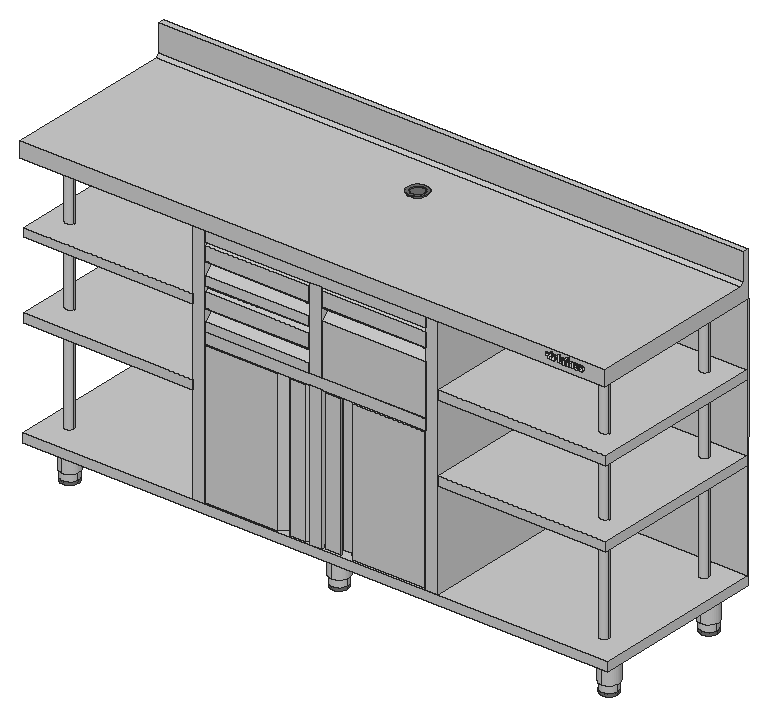
Revit family "QF_INFRICO_MCAF2000_250818094558", category Specialty Equipment, Revit 2021
Family settings
  Round Connector Dimension = Use Diameter
  Part Type = Normal
  OmniClass Number = 23.40.40.14
  OmniClass Title = Food Service Equipment
  Work Plane-Based = No
  Always vertical = Yes
  Cut with Voids When Loaded = No
  Shared = No
  Room Calculation Point = No
Parameters (values of type "MCAF2000")
  Weight [instance] = 103.00 kg
  Warranty Start Date [instance] = ""
  Warranty Duration [instance] = ""
  URL Recommended Spares List [instance] = ""
  URL Manufacturer [instance] = ""
  URL Cutsheet [instance] = ""
  URL Critical Spares List [instance] = ""
  URL = "www.infrico.com"
  Technical Documentation [instance] = ""
  Tag Number [instance] = ""
  Status [instance] = ""
  Specification by User [instance] = ""
  Specification by Manufacturer [instance] = ""
  Sound Level [instance] = ""
  Show Logo [instance] = yes
  Show Clearances [instance] = yes
  Service Life Duration [instance] = ""
  Serial Number [instance] = ""
  Seismic Rating [instance] = ""
  SMACNA No [instance] = ""
  Revision Code [instance] = ""
  Revision [instance] = ""
  Production Year [instance] = ""
  Point Load [instance] = 0
  Other Equipment Approvals [instance] = ""
  NAFEM Spec ID Number [instance] = ""
  Model Warning [instance] = ""
  Model = "MCAF2000"
  Masterspec [instance] = ""
  Manufacturer = "INFRICO"
  Length Actual [instance] = 1960 mm
  Item Number [instance] = ""
  Installed By [instance] = ""
  Installation Date [instance] = ""
  Identify Quantity as Lot [instance] = no
  ID [instance] = ""
  Hygiene Approval [instance] = ""
  Height Actual [instance] = 1050 mm
  Furnished By [instance] = ""
  Foodservice Equipment Identifier [instance] = no
  ETL Approved [instance] = no
  Description = "COFFEE UNIT - MCAF SERIES"
  Depth Actual [instance] = 600 mm
  Default Elevation = 0 mm
  Cost = 0
  CSI MasterFormat [instance] = ""
  CE Approved [instance] = no
  Barcode [instance] = 0
  Author [instance] = ""
  Asset Identifier [instance] = ""
  Accessory [instance] = no
Reference planes
  plane 1 "Center (Front/Back)": y = 0
  plane 2: z = 0
  plane 3 "Center (Left/Right)": x = 0
Dimensions and locks
  aligned and locked: level to plane 2
Nested families
  nested 1: "QF_INFRICO_MCAF2000_2920" at (0, 0, 0), type "MCAF2000"
    with Weight 103.00 kg, Warranty Start Date "", Warranty Duration "", URL Cutsheet "", Technical Documentation "", Tag Number "", Status "", Specification by User "", Specification by Manufacturer "", Sound Level "", Solid Fuel Type "", Show Logo yes, Show Clearances yes, Show Clearance yes, Service Life Duration "", Serial Number "", Seismic Rating "", SMACNA No "", Revision Code "", Revision "", Production Year "", Point Load 0, Other Equipment Approvals "", NAFEM Spec ID Number "", Model Warning "", Masterspec "", Length Actual 1960 mm, Item Number "", Installed By "", Installation Date "", Identify Quantity as Lot yes, ID "", Hygiene Approval "", Height Actual 1050 mm, Furnished By "", Foodservice Equipment Identifier yes, ETL Approved yes, Depth Actual 600 mm, CSI MasterFormat "", CE Approved no, Barcode "", Author "", Asset Identifier "", Accessory no
  nested 2: "QF_INFRICO_WORKTOP_MCAF_4042" at (0, 0, 990), type "ENC12CPMC20"
    with Weight 0.00 kg, Warranty Start Date "", Warranty Duration "", URL Cutsheet "", Technical Documentation "", Tag Number "", Status "", Specification by User "", Specification by Manufacturer "", Sound Level "", Solid Fuel Type "", Show Logo yes, Show Clearances yes, Show Clearance yes, Service Life Duration "", Serial Number "", Seismic Rating "", SMACNA No "", Revision Code "", Revision "", Production Year "", Point Load 0, Other Equipment Approvals "", NAFEM Spec ID Number "", Model Warning "", Masterspec "", Length Actual 1960 mm, Item Number "", Installed By "", Installation Date "", Identify Quantity as Lot yes, ID "", Hygiene Approval "", Height Actual 150 mm, Furnished By "", Foodservice Equipment Identifier yes, ETL Approved yes, Depth Actual 600 mm, CSI MasterFormat "", CE Approved no, Barcode "", Author "", Asset Identifier "", Accessory yes
Definition of nested family "QF_INFRICO_MCAF2000_2920"
  Parameters (values of type "MCAF2000")
    Weight [instance] = 0.00 kg
    Warranty Start Date [instance] = ""
    Warranty Duration [instance] = ""
    URL Cutsheet [instance] = ""
    URL = "www.infrico.com"
    Technical Documentation [instance] = ""
    Tag Number [instance] = ""
    Status [instance] = ""
    Specification by User [instance] = ""
    Specification by Manufacturer [instance] = ""
    Sound Level [instance] = ""
    Solid Fuel Type [instance] = ""
    Show Logo [instance] = yes
    Show Clearances [instance] = yes
    Show Clearance [instance] = yes
    Service Life Duration [instance] = ""
    Serial Number [instance] = ""
    Seismic Rating [instance] = ""
    SMACNA No [instance] = ""
    Revision Code [instance] = ""
    Revision [instance] = ""
    Production Year [instance] = ""
    Point Load [instance] = 0
    Other Equipment Approvals [instance] = ""
    NAFEM Spec ID Number [instance] = ""
    Model Warning [instance] = ""
    Model = "MCAF2000"
    Masterspec [instance] = ""
    Manufacturer = "INFRICO"
    Length Actual [instance] = 0 mm
    Item Number [instance] = ""
    Installed By [instance] = ""
    Installation Date [instance] = ""
    Identify Quantity as Lot [instance] = yes
    ID [instance] = ""
    Hygiene Approval [instance] = ""
    Height Actual [instance] = 0 mm
    Furnished By [instance] = ""
    Foodservice Equipment Identifier [instance] = yes
    ETL Approved [instance] = yes
    Description = "COFFEE UNIT - MCAF SERIES"
    Depth Actual [instance] = 0 mm
    Default Elevation = 0 mm
    CSI MasterFormat [instance] = ""
    CE Approved [instance] = yes
    Barcode [instance] = ""
    Author [instance] = ""
    Asset Identifier [instance] = ""
    Assembly Code = "E1090320"
    Accessory [instance] = yes
  Reference planes
    plane 1 "Back": y = 0
    plane 2: z = 0
    plane 3 "Left": x = 0
    plane 4 "Right": x = 1960
    plane 5 "Front": y = -600
    plane 6 "Top": z = 990
  Forms (mm)
    Extrusion 1, solid
      sketch origin (-1970.077, 406.333, 162.208) x (1, 0, 0) y (0, 1, 0)
        loop
          circle (2046.064, -477.342) r 15
      from -2.208 to 827.792
    Extrusion 2, solid
      sketch origin (-2000, 0, 130) x (0, 1, 0) y (0, 0, 1)
        loop
          line (0, 0) -> (0, 30) -> (-590.42, 30) -> (-590.42, 0) -> (0, 0)
      from 2000 to 3960
    Extrusion 3, solid
      sketch origin (-177.064, 406.333, 162.208) x (1, 0, 0) y (0, 1, 0)
        loop
          circle (2046.064, -477.342) r 15
      from -2.208 to 827.792
    Extrusion 4, solid
      sketch origin (-1970.077, -11.667, 162.208) x (1, 0, 0) y (0, 1, 0)
        loop
          circle (2046.064, -477.342) r 15
      from -2.208 to 827.792
    Extrusion 5, solid
      sketch origin (-177.064, -11.667, 162.208) x (1, 0, 0) y (0, 1, 0)
        loop
          circle (2046.064, -477.342) r 15
      from -2.208 to 827.792
    Extrusion 6, solid
      sketch origin (-2000.496, 0, 489.98) x (0, 1, 0) y (0, 0, 1)
        loop
          line (-1.18, 0) -> (-1.18, 30) -> (-590.42, 30) -> (-590.42, 0) -> (-1.18, 0)
      from 2004.472 to 2570.472
    Extrusion 7, solid
      sketch origin (-614.977, 0, 489.98) x (0, 1, 0) y (0, 0, 1)
        loop
          line (-1.18, 0) -> (-1.18, 30) -> (-590.42, 30) -> (-590.42, 0) -> (-1.18, 0)
      from 2004.977 to 2570.977
    Extrusion 8, solid
      sketch origin (-2001.521, 0, 747.98) x (0, 1, 0) y (0, 0, 1)
        loop
          line (-1.18, 0) -> (-1.18, 30) -> (-590.42, 30) -> (-590.42, 0) -> (-1.18, 0)
      from 2005.497 to 2571.497
    Extrusion 9, solid
      sketch origin (-614.977, 0, 747.98) x (0, 1, 0) y (0, 0, 1)
        loop
          line (-1.18, 0) -> (-1.18, 30) -> (-590.42, 30) -> (-590.42, 0) -> (-1.18, 0)
      from 2004.977 to 2570.977
    Extrusion 10, solid
      sketch origin (-3775.445, -1791.354, 306.976) x (0, 1, 0) y (0, 0, 1)
        loop
          line (1203.342, 629.226) -> (1203.342, 580.183)
          arc (1203.342, 580.183) -> (1205.032, 578.387) -> (1206.928, 579.964) r 1.8
          line (1206.928, 579.964) -> (1210.228, 606.836) -> (1214.91, 606.836) -> (1229.152, 592.594) -> (1229.152, 564.227) -> (1203.342, 538.417) -> (1203.342, 369.015) -> (1241.352, 369.015) -> (1241.352, 639.019) -> (1213.135, 639.019) -> (1203.342, 629.226)
      from 4776.423 to 5123.423
    Extrusion 11, solid
      sketch origin (-4163.845, -1791.354, 306.976) x (0, 1, 0) y (0, 0, 1)
        loop
          line (1203.342, 489.209) -> (1203.342, 440.167)
          arc (1203.342, 440.167) -> (1205.032, 438.37) -> (1206.928, 439.947) r 1.8
          line (1206.928, 439.947) -> (1210.228, 466.819) -> (1214.927, 466.819) -> (1229.152, 452.594) -> (1229.152, 424.21) -> (1203.342, 398.4) -> (1203.342, 369.015) -> (1241.352, 369.015) -> (1241.352, 499.019) -> (1213.152, 499.019) -> (1203.342, 489.209)
        loop
          line (1203.342, 629.226) -> (1203.342, 580.167)
          arc (1203.342, 580.167) -> (1205.032, 578.37) -> (1206.928, 579.947) r 1.8
          line (1206.928, 579.947) -> (1210.228, 606.819) -> (1214.927, 606.819) -> (1229.152, 592.594) -> (1229.152, 564.21) -> (1203.342, 538.4) -> (1203.342, 509.015) -> (1241.352, 509.015) -> (1241.352, 639.019) -> (1213.135, 639.019) -> (1203.342, 629.226)
      from 4775.843 to 5122.843
    Extrusion 12, solid
      sketch origin (246.475, 0.1, 129.6) x (1, 0, 0) y (0, 1, 0)
        loop
          line (713.523, -550.102) -> (713.523, -588.112) -> (753.503, -588.112) -> (753.503, -550.102) -> (741.503, -550.102) -> (741.503, -576.302) -> (725.523, -576.302) -> (725.523, -550.102) -> (713.523, -550.102)
      from 545.391 to 817.395
    Extrusion 13, solid
      sketch origin (246.475, 0.1, 129.6) x (1, 0, 0) y (0, 0, 1)
        loop
          line (363.501, 545.391) -> (363.501, 510.391) -> (1103.525, 510.391) -> (1103.525, 545.391) -> (363.501, 545.391)
      from 550.102 to 588.112
    Extrusion 14, solid
      sketch origin (246.475, 0.1, 436.604) x (1, 0, 0) y (0, 0, 1)
        loop
          line (363.501, 550.391) -> (363.501, 510.391) -> (1103.525, 510.391) -> (1103.525, 550.391) -> (363.501, 550.391)
      from 550.102 to 588.112
    Extrusion 15, solid
      sketch origin (569.976, 0, 130) x (0, 1, 0) y (0, 0, 1)
        loop
          line (-588.012, 30) -> (0, 30) -> (0, 860) -> (-588.012, 860) -> (-588.012, 30)
      from 0 to 40
    Extrusion 16, solid
      sketch origin (1350, 0, 130) x (0, 1, 0) y (0, 0, 1)
        loop
          line (-588.012, 30) -> (0, 30) -> (0, 860) -> (-588.012, 860) -> (-588.012, 30)
      from 0 to 40
    Extrusion 17, solid
      sketch origin (610, 0, 130) x (0, 1, 0) y (0, 0, 1)
        loop
          line (0, 30) -> (0, 130) -> (-2, 130) -> (-2, 30) -> (0, 30)
      from -0.024 to 740
    Extrusion 18, solid
      sketch origin (246.999, 0, 130) x (0, 1, 0) y (0, 0, 1)
        loop
          line (0, 30) -> (0, 860) -> (-2, 860) -> (-2, 30) -> (0, 30)
      from -246.999 to 322.977
    Extrusion 19, solid
      sketch origin (1636.499, 0, 130) x (0, 1, 0) y (0, 0, 1)
        loop
          line (0, 30) -> (0, 860) -> (-2, 860) -> (-2, 30) -> (0, 30)
      from -246.499 to 323.501
    Extrusion 20, solid
      sketch origin (245.975, 0, 129.6) x (0, 1, 0) y (0, 0, 1)
        loop
          line (-2, 545.391) -> (0, 545.391) -> (0, 860.4) -> (-2, 860.4) -> (-2, 545.391)
      from 364.001 to 1104.025
    Extrusion 21, solid
      sketch origin (-123.986, 92, 130) x (0, 1, 0) y (-1, 0, 0)
        loop
          line (-530, -154.986) -> (-630, -154.986) -> (-630, -244.986) -> (-530, -244.986) -> (-530, -154.986)
      from 0 to -3
    Extrusion 22, solid
      sketch origin (-123.986, 92, 0) x (1, 0, 0) y (0, 1, 0)
        loop
          circle (199.986, -580) r 28
      from 9 to 35
    Extrusion 23, solid
      sketch origin (-123.986, 92, 0) x (1, 0, 0) y (0, 1, 0)
        loop
          circle (199.986, -580) r 28.5
      from 0 to 9
    Sweep 24, solid
      path origin (-123.986, 92, 0) x (0, 1, 0) y (0, 0, 1)
        loop
          line (-580, 35) -> (-580, 127)
      profile origin (-123.986, -488, 81) x (0, -1, 0) y (1, 0, 0)
        loop
          circle (0, 199.986) r 32
    Extrusion 25, solid
      sketch origin (-123.986, 510, 130) x (0, 1, 0) y (-1, 0, 0)
        loop
          line (-530, -154.986) -> (-630, -154.986) -> (-630, -244.986) -> (-530, -244.986) -> (-530, -154.986)
      from 0 to -3
    Extrusion 26, solid
      sketch origin (-123.986, 510, 0) x (1, 0, 0) y (0, 1, 0)
        loop
          circle (199.986, -580) r 28
      from 9 to 35
    Extrusion 27, solid
      sketch origin (-123.986, 510, 0) x (1, 0, 0) y (0, 1, 0)
        loop
          circle (199.986, -580) r 28.5
      from 0 to 9
    Sweep 28, solid
      path origin (-123.986, 510, 0) x (0, 1, 0) y (0, 0, 1)
        loop
          line (-580, 35) -> (-580, 127)
      profile origin (-123.986, -70, 81) x (0, -1, 0) y (1, 0, 0)
        loop
          circle (0, 199.986) r 32
    Extrusion 29, solid
      sketch origin (1643.975, 92, 130) x (0, 1, 0) y (-1, 0, 0)
        loop
          line (-530, -194.986) -> (-630, -194.986) -> (-630, -284.986) -> (-530, -284.986) -> (-530, -194.986)
      from 0 to -3
    Extrusion 30, solid
      sketch origin (1643.975, 92, 0) x (1, 0, 0) y (0, 1, 0)
        loop
          circle (239.986, -580) r 28
      from 9 to 35
    Extrusion 31, solid
      sketch origin (1643.975, 92, 0) x (1, 0, 0) y (0, 1, 0)
        loop
          circle (239.986, -580) r 28.5
      from 0 to 9
    Sweep 32, solid
      path origin (2083.975, 92, 0) x (0, -1, 0) y (0, 0, 1)
        loop
          line (580, 35) -> (580, 127)
      profile origin (2083.975, -488, 81) x (0, 1, 0) y (-1, 0, 0)
        loop
          circle (0, 199.986) r 32
    Extrusion 33, solid
      sketch origin (1643.975, 510, 130) x (0, 1, 0) y (-1, 0, 0)
        loop
          line (-530, -194.986) -> (-630, -194.986) -> (-630, -284.986) -> (-530, -284.986) -> (-530, -194.986)
      from 0 to -3
    Extrusion 34, solid
      sketch origin (1643.975, 510, 0) x (1, 0, 0) y (0, 1, 0)
        loop
          circle (239.986, -580) r 28
      from 9 to 35
    Extrusion 35, solid
      sketch origin (1643.975, 510, 0) x (1, 0, 0) y (0, 1, 0)
        loop
          circle (239.986, -580) r 28.5
      from 0 to 9
    Sweep 36, solid
      path origin (2083.975, 10, 0) x (0, -1, 0) y (0, 0, 1)
        loop
          line (80, 35) -> (80, 127)
      profile origin (2083.975, -70, 81) x (0, 1, 0) y (-1, 0, 0)
        loop
          circle (0, 199.986) r 32
    Extrusion 37, solid
      sketch origin (780.003, 92, 130) x (0, 1, 0) y (-1, 0, 0)
        loop
          line (-530, -154.986) -> (-630, -154.986) -> (-630, -244.986) -> (-530, -244.986) -> (-530, -154.986)
      from 0 to -3
    Extrusion 38, solid
      sketch origin (780.003, 92, 0) x (1, 0, 0) y (0, 1, 0)
        loop
          circle (199.986, -580) r 28
      from 9 to 35
    Extrusion 39, solid
      sketch origin (780.003, 92, 0) x (1, 0, 0) y (0, 1, 0)
        loop
          circle (199.986, -580) r 28.5
      from 0 to 9
    Sweep 40, solid
      path origin (780.003, 92, 0) x (0, 1, 0) y (0, 0, 1)
        loop
          line (-580, 35) -> (-580, 127)
      profile origin (780.003, -488, 81) x (0, -1, 0) y (1, 0, 0)
        loop
          circle (0, 199.986) r 32
    Extrusion 41, solid
      sketch origin (780.003, 510, 130) x (0, 1, 0) y (-1, 0, 0)
        loop
          line (-530, -154.986) -> (-630, -154.986) -> (-630, -244.986) -> (-530, -244.986) -> (-530, -154.986)
      from 0 to -3
    Extrusion 42, solid
      sketch origin (780.003, 510, 0) x (1, 0, 0) y (0, 1, 0)
        loop
          circle (199.986, -580) r 28
      from 9 to 35
    Extrusion 43, solid
      sketch origin (780.003, 510, 0) x (1, 0, 0) y (0, 1, 0)
        loop
          circle (199.986, -580) r 28.5
      from 0 to 9
    Sweep 44, solid
      path origin (780.003, 510, 0) x (0, 1, 0) y (0, 0, 1)
        loop
          line (-580, 35) -> (-580, 127)
      profile origin (780.003, -70, 81) x (0, -1, 0) y (1, 0, 0)
        loop
          circle (0, 199.986) r 32
    Extrusion 45, solid
      sketch origin (246.475, 0.1, -177.004) x (1, 0, 0) y (0, 1, 0)
        loop
          line (713.523, -550.102) -> (713.523, -588.112) -> (753.503, -588.112) -> (753.503, -550.102) -> (741.503, -550.102) -> (741.503, -576.302) -> (725.523, -576.302) -> (725.523, -550.102) -> (713.523, -550.102)
      from 337.004 to 816.995
    Extrusion 46, solid
      sketch origin (-1754.025, -1999.892, 129.3) x (1, 0, 0) y (0, 1, 0)
        loop
          line (2649.583, 1411.88) -> (2700.005, 1411.88) -> (2710.015, 1421.89) -> (2710.015, 1449.89) -> (2367.015, 1449.89) -> (2367.015, 1411.88) -> (2608.712, 1411.88) -> (2634.927, 1438.094) -> (2663.311, 1438.094) -> (2677.536, 1423.869) -> (2677.536, 1419.171) -> (2649.117, 1415.681)
          arc (2649.117, 1415.681) -> (2647.668, 1413.574) -> (2649.583, 1411.88) r 1.929
      from 35.663 to 505.683
    Extrusion 47, solid
      sketch origin (3714.001, -1999.892, 129.3) x (-1, 0, 0) y (0, -1, 0)
        loop
          arc (2649.583, -1411.88) -> (2647.668, -1413.574) -> (2649.117, -1415.681) r 1.929
          line (2649.117, -1415.681) -> (2677.536, -1419.171) -> (2677.536, -1423.869) -> (2663.311, -1438.094) -> (2634.927, -1438.094) -> (2608.712, -1411.88) -> (2367.015, -1411.88) -> (2367.015, -1449.89) -> (2710.015, -1449.89) -> (2710.015, -1421.89) -> (2700.005, -1411.88) -> (2649.583, -1411.88)
      from 35.663 to 505.683
    Extrusion 48, solid, detail levels coarse
      sketch origin (245.975, 0.1, -0.7) x (1, 0, 0) y (0, 1, 0)
        loop
          line (367.015, -588.112) -> (367.015, -893.112) -> (405.015, -893.112)
          arc (405.015, -893.112) -> (620.683, -803.78) -> (710.015, -588.112) r 305
          line (710.015, -588.112) -> (367.015, -588.112)
      from 165.663 to 635.683
    Extrusion 49, solid, detail levels coarse
      sketch origin (1714.001, 0.1, -0.7) x (-1, 0, 0) y (0, -1, 0)
        loop
          line (367.015, 588.112) -> (710.015, 588.112)
          arc (710.015, 588.112) -> (620.683, 803.78) -> (405.015, 893.112) r 305
          line (405.015, 893.112) -> (367.015, 893.112) -> (367.015, 588.112)
      from 165.663 to 635.683
  Lines and regions (mm)
    symbolic lines
      curve 1: line (0, 0, 0) -> (0, -600, 0)
      curve 2: line (0, -600, 0) -> (1960, -600, 0)
      curve 3: line (1960, -600, 0) -> (1960, 0, 0)
      curve 4: line (1960, 0, 0) -> (0, 0, 0)
      curve 5: line (612.99, -600, 0) -> (612.99, -893.012, 0)
      curve 6: arc (650.99, -893.012, 0) -> (862.377, -807.877, 0) -> (955.755, -600, 0) r 305
      curve 7: line (612.99, -893.012, 0) -> (650.99, -893.012, 0)
      curve 8: line (1308.986, -893.012, 0) -> (1346.986, -893.012, 0)
      curve 9: arc (1004.221, -600, 0) -> (1097.599, -807.877, 0) -> (1308.986, -893.012, 0) r 305
      curve 10: line (1346.986, -893.012, 0) -> (1346.986, -600, 0)
  Dimensions and locks
    plane 3 "Left" to plane 4 "Right" = 1960 mm
    plane 1 "Back" to plane 5 "Front" = 600 mm  (x2)
    plane 4 "Right" to plane 3 "Left" = 1960 mm
    plane 6 "Top" to level = 990 mm  (x2)
    aligned and locked: level to plane 2
Definition of nested family "QF_INFRICO_WORKTOP_MCAF_4042"
  Parameters (values of type "ENC12CPMC25")
    Weight [instance] = 0.00 kg
    Warranty Start Date [instance] = ""
    Warranty Duration [instance] = ""
    URL Cutsheet [instance] = ""
    URL = "www.infrico.com"
    Technical Documentation [instance] = ""
    Tag Number [instance] = ""
    Status [instance] = ""
    Specification by User [instance] = ""
    Specification by Manufacturer [instance] = ""
    Sound Level [instance] = ""
    Solid Fuel Type [instance] = ""
    Show Logo [instance] = yes
    Show Clearances [instance] = yes
    Show Clearance [instance] = yes
    Service Life Duration [instance] = ""
    Serial Number [instance] = ""
    Seismic Rating [instance] = ""
    SMACNA No [instance] = ""
    Revision Code [instance] = ""
    Revision [instance] = ""
    Production Year [instance] = ""
    Point Load [instance] = 0
    Other Equipment Approvals [instance] = ""
    NAFEM Spec ID Number [instance] = ""
    Model Warning [instance] = ""
    Model = "ENC12CPMC25"
    Masterspec [instance] = ""
    Manufacturer = "INFRICO"
    Length Actual [instance] = 0 mm
    Length = 2452 mm
    Item Number [instance] = ""
    Installed By [instance] = ""
    Installation Date [instance] = ""
    Identify Quantity as Lot [instance] = yes
    ID [instance] = ""
    Hygiene Approval [instance] = ""
    Height Actual [instance] = 0 mm
    Furnished By [instance] = ""
    Foodservice Equipment Identifier [instance] = yes
    ETL Approved [instance] = yes
    Description = "WORKTOP WITH BACKSPLASH"
    Depth Actual [instance] = 0 mm
    Depth = 600 mm
    Default Elevation = 0 mm
    CSI MasterFormat [instance] = ""
    CE Approved [instance] = yes
    Barcode [instance] = ""
    Author [instance] = ""
    Asset Identifier [instance] = ""
    Assembly Code = "E1090320"
    Accessory [instance] = yes
  Types (5, lengths in mm): name | Model | Length
    ENC12CPMC8 | "ENC12CPMC8" | 820
    ENC12CPMC10 | "ENC12CPMC10" | 1000
    ENC12CPMC15 | "ENC12CPMC15" | 1468
    ENC12CPMC20 | "ENC12CPMC20" | 1960
    ENC12CPMC25 | "ENC12CPMC25" | 2452
  Reference planes
    plane 1 "Back": y = 0
    plane 2: z = 0
    plane 3 "Left": x = 0
    plane 4 "Right": x = 2452
    plane 5 "Front": y = -600
    plane 6 "Top": z = 150
    plane 7 "Center": x = 1226
    plane 8: z = 50
  Forms (mm)
    Extrusion 1, solid
      sketch origin (0, 0, 0) x (0, 1, 0) y (0, 0, 1)
        loop
          line (0, 0) -> (0, 150) -> (-20, 150) -> (-20, 60) -> (-30, 50) -> (-600, 50) -> (-600, 0) -> (0, 0)
      from 0 to 2452
    Extrusion 2, solid
      sketch origin (0, 0, 50) x (1, 0, 0) y (0, 1, 0)
        loop
          circle (1226, -160) r 34
        loop
          circle (1226, -160) r 23
      from 0 to 2
    Extrusion 3, solid
      sketch origin (0, 0, 48.5) x (1, 0, 0) y (0, 1, 0)
        loop
          circle (1226, -160) r 23
      from 0 to 2
  Lines and regions (mm)
    symbolic lines
      curve 1: line (2452, 0, 0) -> (0, 0, 0)
      curve 2: line (0, 0, 0) -> (0, -600, 0)
      curve 3: line (0, -600, 0) -> (2452, -600, 0)
      curve 4: line (2452, -600, 0) -> (2452, 0, 0)
      curve 5: line (0, -20, 0) -> (2452, -20, 0)
      curve 6: circle (1226, -160, 0) r 34 normal (0, 0, 1)
      curve 7: circle (1226, -160, 0) r 23 normal (0, 0, -1)
  Dimensions and locks
    plane 6 "Top" to level = 150 mm
    plane 1 "Back" to plane 5 "Front" = 600 mm
    equal spacing: plane 3 "Left", plane 7 "Center", plane 4 "Right"
    "Length": plane 3 "Left" to plane 4 "Right"
    "Depth": plane 5 "Front" to plane 1 "Back"
    locked: plane 8 to plane 2 at 50
    locked: nested 1 to plane 4 "Right" at 143.718
    aligned and locked: level to plane 2
    aligned and locked: Extrusion 1 to plane 4 "Right"
    aligned and locked: nested 1 to plane 2
    aligned and locked: nested 1 to plane 5 "Front"
  Automatic sketch dimensions
    curve 6 to curve 7 = 0 mm  (x2)
    plane 1 "Back" to curve 1 = 0 mm
    curve 1 to plane 3 "Left" = 0 mm
    curve 6 to plane 7 "Center" = 0 mm
    curve 4 to plane 4 "Right" = 0 mm
    curve 3 to plane 5 "Front" = 0 mm
    plane 1 "Back" to curve 7 = 160 mm
    plane 1 "Back" to curve 5 = 20 mm
    Extrusion 1 sketch curve to level = 0 mm
    Extrusion 1 sketch curve to plane 5 "Front" = 0 mm
    Extrusion 1 sketch curve to plane 6 "Top" = 0 mm
    Extrusion 1 sketch curve to plane 1 "Back" = 0 mm
    plane 1 "Back" to Extrusion 1 sketch curve = 30 mm
    Extrusion 1 sketch curve to Extrusion 1 sketch curve = 10 mm  (x2)
    level to Extrusion 1 sketch curve = 50 mm
    Extrusion 2 sketch curve to Extrusion 2 sketch curve = 0 mm  (x2)
    Extrusion 2 sketch curve to plane 7 "Center" = 0 mm
    plane 1 "Back" to Extrusion 2 sketch curve = 160 mm
    Extrusion 3 sketch curve to plane 7 "Center" = 0 mm
    plane 1 "Back" to Extrusion 3 sketch curve = 160 mm
    radius of curve 6 = 34 mm
    radius of curve 7 = 23 mm
    radius of Extrusion 2 sketch curve = 34 mm
    radius of Extrusion 2 sketch curve = 23 mm
    radius of Extrusion 3 sketch curve = 23 mm
  Nested families
    nested 1: "Infrico_Logo" at (2308.282, -600, 0), type "Infrico_Logo"
      with Show Logo yes
  Definition of nested family "Infrico_Logo"
    Parameters
      Show Logo [instance] = yes
      Default Elevation = 0 mm
    Reference planes
      plane 1 "Center (Front/Back)": y = 0
      plane 2: z = 0
      plane 3 "Center (Left/Right)": x = 0
    Forms (mm)
      Extrusion 1, solid, visible <- "Show Logo"
        sketch origin (0, 0, 0) x (1, 0, 0) y (0, 0, 1)
          loop
            line (-7.673, 19.987) -> (-7.673, 42.661) -> (-12.299, 42.661) -> (-12.299, 19.987) -> (-7.673, 19.987)
          loop
            line (-1.693, 36.463) -> (-5.189, 36.463) -> (-5.189, 19.987) -> (-0.7, 19.987) -> (-0.7, 31.289)
            arc (-0.7, 31.289) -> (1.056, 32.199) -> (2.945, 32.781) r 11.052
            arc (2.945, 32.781) -> (4.457, 32.418) -> (5.126, 31.015) r 1.806
            line (5.126, 31.015) -> (5.126, 19.987) -> (9.649, 19.987) -> (9.649, 32.146)
            arc (9.649, 32.146) -> (8.165, 35.533) -> (4.669, 36.738) r 4.607
            arc (4.669, 36.738) -> (1.81, 36.131) -> (-0.803, 34.819) r 11.435
            line (-0.803, 34.819) -> (-0.871, 35.641)
            arc (-0.871, 35.641) -> (-1.112, 36.223) -> (-1.693, 36.463) r 0.822
          loop
            line (22.085, 43.56) -> (20.834, 43.56)
            arc (20.834, 43.56) -> (18.58, 43.383) -> (16.409, 42.754) r 11.103
            arc (16.409, 42.754) -> (14.333, 41.074) -> (13.552, 38.519) r 4.567
            line (13.552, 38.519) -> (13.552, 36.366) -> (10.879, 36.16) -> (10.879, 32.831) -> (13.552, 32.831) -> (13.552, 19.987) -> (18.076, 19.987) -> (18.076, 32.831) -> (21.777, 32.831) -> (21.777, 36.395) -> (18.076, 36.395) -> (18.076, 38.005)
            arc (18.076, 38.005) -> (18.484, 39.163) -> (19.573, 39.728) r 1.67
            line (19.573, 39.728) -> (21.228, 39.856)
            arc (21.228, 39.856) -> (21.834, 40.107) -> (22.085, 40.713) r 0.857
            line (22.085, 40.713) -> (22.085, 43.56)
          loop
            line (23.007, 36.463) -> (23.007, 19.987) -> (27.496, 19.987) -> (27.496, 30.809)
            arc (27.496, 30.809) -> (29.401, 32.088) -> (31.605, 32.725) r 7.435
            line (31.605, 32.725) -> (32.769, 32.873)
            arc (32.769, 32.873) -> (33.171, 33.216) -> (33.321, 33.722) r 0.928
            line (33.321, 33.722) -> (33.321, 35.915)
            arc (33.321, 35.915) -> (33.059, 36.518) -> (32.44, 36.737) r 0.824
            arc (32.44, 36.737) -> (29.725, 36.045) -> (27.427, 34.442) r 7.833
            line (27.427, 34.442) -> (27.254, 36.463) -> (23.007, 36.463)
          loop
            line (39.023, 19.987) -> (39.023, 36.463) -> (34.534, 36.463) -> (34.534, 19.987) -> (39.023, 19.987)
          loop
            arc (40.949, 24.784) -> (42.095, 21.645) -> (44.994, 19.982) r 4.873
            arc (44.994, 19.982) -> (48.021, 19.723) -> (51.049, 19.982) r 17.816
            arc (51.049, 19.982) -> (54.103, 22.591) -> (55.033, 26.498) r 6.481
            line (55.033, 26.498) -> (50.715, 26.498) -> (50.715, 25.127)
            arc (50.715, 25.127) -> (50.168, 23.91) -> (48.97, 23.322) r 1.965
            arc (48.97, 23.322) -> (48.076, 23.273) -> (47.181, 23.322) r 8.196
            arc (47.181, 23.322) -> (45.945, 23.873) -> (45.438, 25.127) r 1.806
            line (45.438, 25.127) -> (45.438, 31.358)
            arc (45.438, 31.358) -> (45.945, 32.612) -> (47.181, 33.163) r 1.806
            arc (47.181, 33.163) -> (48.076, 33.212) -> (48.97, 33.163) r 8.196
            arc (48.97, 33.163) -> (50.168, 32.575) -> (50.715, 31.358) r 1.965
            line (50.715, 31.358) -> (50.715, 30.295) -> (55.033, 30.295)
            arc (55.033, 30.295) -> (54.052, 34.014) -> (51.049, 36.416) r 6.132
            arc (51.049, 36.416) -> (48.021, 36.751) -> (44.994, 36.416) r 13.851
            arc (44.994, 36.416) -> (42.099, 34.807) -> (40.949, 31.7) r 4.772
            line (40.949, 31.7) -> (40.949, 24.784)
          loop
            arc (56.444, 24.787) -> (57.521, 21.802) -> (60.254, 20.191) r 4.676
            arc (60.254, 20.191) -> (62.043, 19.913) -> (63.846, 19.748) r 28.371
            arc (63.846, 19.748) -> (65.65, 19.913) -> (67.439, 20.191) r 28.371
            arc (67.439, 20.191) -> (70.172, 21.802) -> (71.248, 24.787) r 4.676
            line (71.248, 24.787) -> (71.248, 31.699)
            arc (71.248, 31.699) -> (70.172, 34.684) -> (67.439, 36.295) r 4.676
            arc (67.439, 36.295) -> (65.65, 36.573) -> (63.846, 36.738) r 28.371
            arc (63.846, 36.738) -> (62.043, 36.573) -> (60.254, 36.295) r 28.371
            arc (60.254, 36.295) -> (57.521, 34.684) -> (56.444, 31.699) r 4.676
            line (56.444, 31.699) -> (56.444, 24.787)
          loop
            line (60.933, 31.323) -> (60.933, 25.162)
            arc (60.933, 25.162) -> (61.372, 24.014) -> (62.464, 23.449) r 1.725
            arc (62.464, 23.449) -> (63.155, 23.376) -> (63.846, 23.313) r 46.133
            arc (63.846, 23.313) -> (64.538, 23.376) -> (65.229, 23.449) r 46.133
            arc (65.229, 23.449) -> (66.321, 24.014) -> (66.759, 25.162) r 1.725
            line (66.759, 25.162) -> (66.759, 31.323)
            arc (66.759, 31.323) -> (66.321, 32.472) -> (65.229, 33.037) r 1.725
            arc (65.229, 33.037) -> (64.538, 33.11) -> (63.846, 33.173) r 46.133
            arc (63.846, 33.173) -> (63.155, 33.11) -> (62.464, 33.037) r 46.133
            arc (62.464, 33.037) -> (61.372, 32.472) -> (60.933, 31.323) r 1.725
          loop
            arc (-26.133, 20) -> (-25.061, 20.444) -> (-24.616, 21.516) r 1.516
            line (-24.616, 21.516) -> (-24.616, 27.349) -> (-20.437, 27.349)
            arc (-20.437, 27.349) -> (-19.682, 27.578) -> (-19.254, 28.24) r 1.147
            line (-19.254, 28.24) -> (-19.254, 29.669)
            arc (-19.254, 29.669) -> (-19.685, 30.716) -> (-20.753, 31.091) r 1.385
            line (-20.753, 31.091) -> (-21.952, 31.091) -> (-19.254, 33.789)
            arc (-19.254, 33.789) -> (-18.867, 34.723) -> (-19.254, 35.657) r 1.321
            line (-19.254, 35.657) -> (-19.977, 36.38)
            arc (-19.977, 36.38) -> (-20.932, 36.796) -> (-21.914, 36.449) r 1.422
            line (-21.914, 36.449) -> (-24.619, 33.744) -> (-24.619, 34.937)
            arc (-24.619, 34.937) -> (-25.029, 35.973) -> (-26.037, 36.449) r 1.516
            line (-26.037, 36.449) -> (-26.958, 36.449)
            arc (-26.958, 36.449) -> (-27.961, 35.971) -> (-28.369, 34.937) r 1.516
            line (-28.369, 34.937) -> (-28.369, 30.287) -> (-34.399, 24.793) -> (-34.399, 30.966) -> (-30.833, 34.532)
            arc (-30.833, 34.532) -> (-30.419, 35.53) -> (-30.833, 36.529) r 1.412
            line (-30.833, 36.529) -> (-31.485, 37.181)
            arc (-31.485, 37.181) -> (-32.533, 37.598) -> (-33.557, 37.124) r 1.428
            line (-33.557, 37.124) -> (-34.399, 36.283) -> (-34.399, 41.241)
            arc (-34.399, 41.241) -> (-34.814, 42.244) -> (-35.817, 42.66) r 1.418
            line (-35.817, 42.66) -> (-36.746, 42.66)
            arc (-36.746, 42.66) -> (-37.749, 42.244) -> (-38.164, 41.241) r 1.418
            line (-38.164, 41.241) -> (-38.164, 36.283) -> (-39.006, 37.124)
            arc (-39.006, 37.124) -> (-40.03, 37.598) -> (-41.078, 37.181) r 1.428
            line (-41.078, 37.181) -> (-41.73, 36.529)
            arc (-41.73, 36.529) -> (-42.144, 35.53) -> (-41.73, 34.532) r 1.412
            line (-41.73, 34.532) -> (-38.164, 30.966) -> (-38.164, 24.793) -> (-44.194, 30.287) -> (-44.194, 34.937)
            arc (-44.194, 34.937) -> (-44.602, 35.971) -> (-45.605, 36.449) r 1.516
            line (-45.605, 36.449) -> (-46.526, 36.449)
            arc (-46.526, 36.449) -> (-47.534, 35.973) -> (-47.944, 34.937) r 1.516
            line (-47.944, 34.937) -> (-47.944, 33.744) -> (-50.649, 36.449)
            arc (-50.649, 36.449) -> (-51.631, 36.796) -> (-52.586, 36.38) r 1.422
            line (-52.586, 36.38) -> (-53.309, 35.657)
            arc (-53.309, 35.657) -> (-53.696, 34.723) -> (-53.309, 33.789) r 1.321
            line (-53.309, 33.789) -> (-50.611, 31.091) -> (-51.81, 31.091)
            arc (-51.81, 31.091) -> (-52.878, 30.716) -> (-53.309, 29.669) r 1.385
            line (-53.309, 29.669) -> (-53.309, 28.24)
            arc (-53.309, 28.24) -> (-52.881, 27.578) -> (-52.126, 27.349) r 1.147
            line (-52.126, 27.349) -> (-47.947, 27.349) -> (-47.947, 21.516)
            arc (-47.947, 21.516) -> (-47.502, 20.444) -> (-46.43, 20) r 1.516
            line (-46.43, 20) -> (-26.133, 20)
        from 0 to 2
    Dimensions and locks
      aligned and locked: level to plane 2
